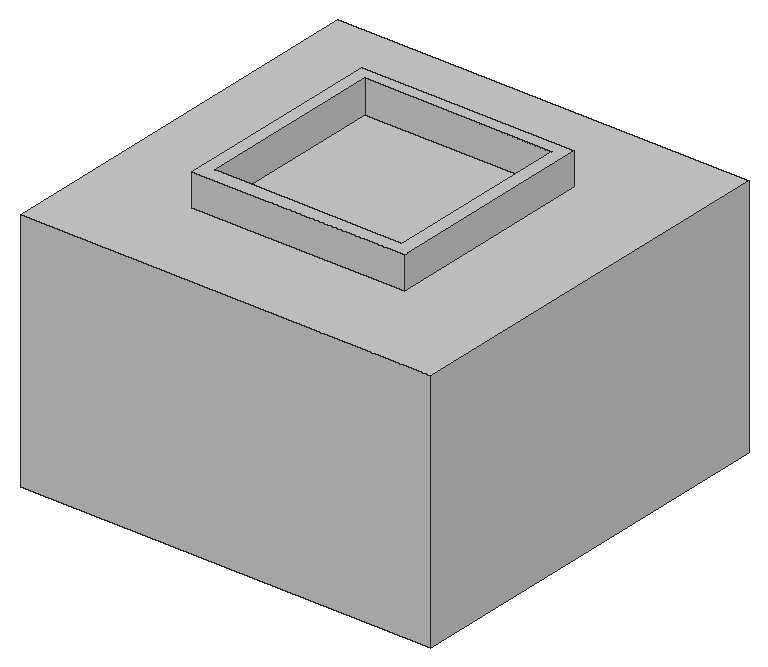
Revit family "Lighting-Recessed-Amerlux-E475SA-C3M", category Lighting Fixtures, host Face, Revit 2014
Parameters (values of type "Trimless")
  Width = 10 1/16"
  Wattage = 9.2903 W
  built-in parameter 1150110 = 1 (stored number, unit not read)
  Voltage = 0 V
  URL = "http://www.amerlux.com/"
  Trim Size = 6"
  Trim = no
  built-in parameter 1114217 = 1 (stored number, unit not read)
  Tilt Angle = -90.00°
  built-in parameter 1150109 = 1 (stored number, unit not read)
  built-in parameter 1150134 = 3
  built-in parameter 1150113 = 1 (stored number, unit not read)
  Power Factor = 1
  Photometric Web File = "generic"
  Number of Poles = 1
  built-in parameter 1150142 = (empty or 0)
  Model Number = ""
  Model = "E475SA-C3M"
  Manufacturer = "Amerlux"
  built-in parameter 1150105 = 109.82 (stored number, unit not read)
  Lumens = 1380 lm
  built-in parameter 1150115 = 1 (stored number, unit not read)
  built-in parameter 1150137 = (empty or 0)
  built-in parameter 1150139 = (empty or 0)
  Length = 14 1/2"
  built-in parameter 1150112 = 1 (stored number, unit not read)
  built-in parameter 1150114 = 1 (stored number, unit not read)
  Lamp = "LED"
  built-in parameter 1150132 = (empty or 0)
  built-in parameter 1150102 = (empty or 0)
  built-in parameter 1150107 = 3200 (stored number, unit not read)
  built-in parameter 1150138 = (empty or 0)
  built-in parameter 1150106 = 1.0982 (stored number, unit not read)
  Height = 7"
  Emit from Rectangle Width = Aperture Size  # 4 3/4"
  Emit from Rectangle Length = Aperture Size  # 4 3/4"
  Emit Shape Visible in Rendering = no
  built-in parameter 1150104 = 13.8 (stored number, unit not read)
  Dimming Lamp Color Temperature Shift = <None>
  Dimming = ""
  Description = "4.5\" Square Adjustable C3M"
  Default Elevation = 48"
  Color Filter = 16777215
  built-in parameter 1114218 = 1 (stored number, unit not read)
  built-in parameter 1150133 = 10 (stored number, unit not read)
  Apparent Load = 0 VA
  Aperture Size = 4 3/4"
Types (3): name | Trim
  (no name) | no
  Trim | yes
  Trimless | no
Reference planes (in)
  plane 1 "Center (Front/Back)": y = 0
  plane 2: z = 0
  plane 3 "Center (Left/Right)": x = 0
  plane 4: x = -7.25
  plane 5: x = 7.25
  plane 6: z = -7
  plane 7: y = 5.03125
  plane 8: y = -5.03125
Forms (in)
  Extrusion 1, solid, material "Housing"
    sketch origin (0, 0, 0) x (1, 0, 0) y (0, 1, 0)
      loop
        line (-5.16548, 5.03125) -> (-5.16548, -5.03125) -> (5.22568, -5.03125) -> (5.22568, 5.03125) -> (-5.16548, 5.03125)
    from -7 to -0.8255
  Extrusion 2, void
    sketch origin (0, 0, 0) x (1, 0, 0) y (0, 1, 0)
      loop
        line (-2.375, 2.375) -> (-2.375, -2.375) -> (2.375, -2.375) -> (2.375, 2.375) -> (-2.375, 2.375)
    from -0.8255 to 0.08709
  Extrusion 3, solid, material "Trim Finish", visible <- "Trim"
    sketch origin (0, 0, 0) x (1, 0, 0) y (0, 1, 0)
      loop
        line (-2.375, 2.375) -> (-2.375, -2.375) -> (2.375, -2.375) -> (2.375, 2.375) -> (-2.375, 2.375)
      loop
        line (-3, 3) -> (-3, -3) -> (3, -3) -> (3, 3) -> (-3, 3)
    from 0 to 0.10768
  Extrusion 4, solid, material "Housing"
    sketch origin (0, 0, 0) x (1, 0, 0) y (0, 1, 0)
      loop
        line (-2.375, 2.375) -> (-2.375, -2.375) -> (2.375, -2.375) -> (2.375, 2.375) -> (-2.375, 2.375)
      loop
        line (-2.6875, 2.6875) -> (-2.6875, -2.6875) -> (2.6875, -2.6875) -> (2.6875, 2.6875) -> (-2.6875, 2.6875)
    from -0.8255 to 0
Dimensions and locks (in)
  "Height": plane 6 to host face
  "Length": plane 4 to plane 5
  equal spacing: plane 7, plane 1 "Center (Front/Back)", plane 8
  equal spacing: plane 4, plane 3 "Center (Left/Right)", plane 5
  "Width": plane 7 to plane 8
  equal spacing: Extrusion 3 sketch curve, plane 1 "Center (Front/Back)", Extrusion 3 sketch curve  (x2)
  equal spacing: Extrusion 3 sketch curve, plane 3 "Center (Left/Right)", Extrusion 3 sketch curve  (x2)
  "Aperture Size": Extrusion 3 sketch curve to Extrusion 3 sketch curve  (x2)
  "Trim Size": Extrusion 3 sketch curve to Extrusion 3 sketch curve  (x2)
  locked: Extrusion 3 to Extrusion 4 sketch curve at 0.3125  (x3)
  locked: Extrusion 4 sketch curve to Extrusion 3 at 0.3125
  equal spacing: Extrusion 3, plane 3 "Center (Left/Right)", Extrusion 3
  "Aperture Size": Extrusion 4 sketch curve to Extrusion 4 sketch curve  (x2)
  equal spacing: Extrusion 3, plane 1 "Center (Front/Back)", Extrusion 3
  aligned and locked: plane 2 to host face
  aligned and locked: level to host face
  aligned and locked: Extrusion 1 to plane 6
  aligned and locked: Extrusion 1 to plane 8
  aligned and locked: plane 7 to Extrusion 1
  aligned and locked: Extrusion 4 sketch curve to Extrusion 3  (x2)
  aligned and locked: Extrusion 4 to Extrusion 1
  aligned and locked: level to Extrusion 4
  aligned and locked: Extrusion 2 sketch curve to Extrusion 3  (x4)
Automatic sketch dimensions
  host sketch curve to host sketch curve = 54.51167"
  host sketch curve to host sketch curve = 52.40009"
  plane 4 to Extrusion 1 sketch curve = 2.08452"
  Extrusion 1 sketch curve to plane 5 = 2.02432"
  Extrusion 1 sketch curve to plane 8 = 0"
  Extrusion 1 sketch curve to plane 7 = 0"
Connectors (in)
  electrical at (0.0301, 0, -7), driven by "Number of Poles", driven by "Voltage", driven by "Apparent Load", driven by "Power Factor"
    settings: on Extrusion 1, index 1, voltage 0 V, apparent load 0 VA, apparent load phase1 0 VA, apparent load phase2 0 VA, apparent load phase3 0 VA, power factor 1, load classification "Other", number of poles 1, system type 31, power factor state 1, is connector primary yes, connector utility no, sub classification motor no, connector description "Power"
